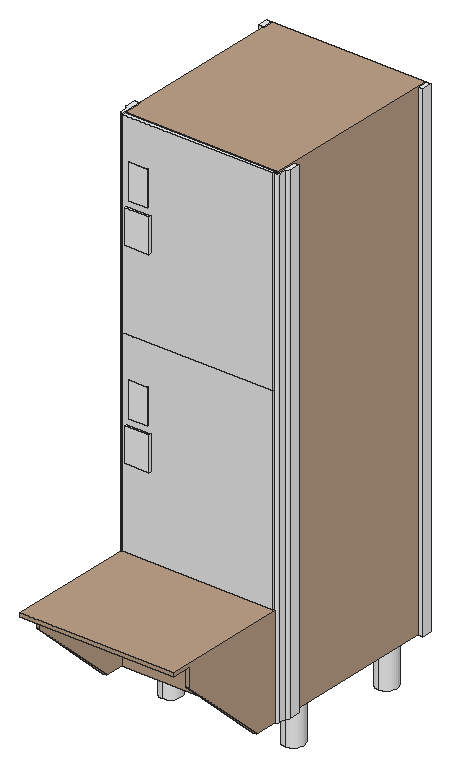
Revit family "Locker-Storage-Foreman-Premium-2_Tier_with_Bench", category Specialty Equipment, Revit 2026
Family settings
  Round Connector Dimension = Use Diameter
  Part Type = Normal
  Classification Number = 23.40.20.11.17
  Work Plane-Based = Yes
  Enable Cutting in Views = No
  Always vertical = Yes
  Cut with Voids When Loaded = No
  Maintain Annotation Orientation = No
  Shared = No
  Room Calculation Point = No
Parameters (values of type "*ERROR* See Type Catalogue")
  Unit Width = 15"
  Unit Height = 48"
  Unit Depth = 18"
  URL = "https://foremanlockers.com/premium-phenolic-lockers/phenolic2-tier-locker-with-bench"
  Top Slope Height [instance] = if(Top Slope, Unit Depth * tan(20.00°), 0")  # 0"
  Top Slope [instance] = no
  Thicker Door [instance] = no
  Specification = "https://www.arcat.com/company/foreman-locker-systems-48508/spec"
  Shelf Top Hat [instance] = no
  Shelf Footwear [instance] = no
  Product Page URL = "https://www.arcat.com/arcatcos/cos48/arc48508.html"
  Power Outlet USB [instance] = no
  Panel Thickness = 3/8"
  Model = "Phenolic 2-Tier Locker with Bench"  # constant formula
  Manufacturer = "Foreman Lockers"  # constant formula
  Locker Material [instance] = Phenolic-Foreman-Wood Grain Color-Amaretto Pine 8224
  Lock Safe o Tronic Access LSW [instance] = no
  Lock Safe o Tronic Access LS [instance] = no
  Lock Ojmar Key Cam [instance] = no
  Lock Ojmar Combi Pro [instance] = no
  Lock Foreman Hasp [instance] = no
  Lock Digilock Cue [instance] = yes
  Keynote = "10 51 00"
  Door Thickness [instance] = if(Thicker Door, 1/2", 3/8")  # 3/8"
  Door Material [instance] = Phenolic-Foreman-Solid Color-White D427-60
  Door Height = (Unit Height - 9 205/256") / 2  # 19.09961"
  Description = "Premium Phenolic Locker with Bench"  # constant formula
  Default Elevation = 48"
  Copyright = "ARCAT 2022"  # constant formula
  Clothes Bar Hanging [instance] = no
  CAD Details = ""
  Bench Offset = if(Unit Width = 18", 77/128", 205/256")  # 205/256"
  Base Height 8in [instance] = no
  Base Height 4in [instance] = not(Base Height 8in)  # yes
  Actual Base Heigth [instance] = if(Base Height 4in, 4", 8")  # 4"
Reference planes (in)
  plane 1 "Center (Front/Back)": y = 0
  plane 2: z = 0
  plane 3 "Center (Left/Right)": x = 0
  plane 4 "23.40.20.11.17": y = 9
  plane 5 "Left": x = -7.5
  plane 6 "Right": x = 7.5
  plane 7 "Front": y = -9
  plane 8: z = 4
  plane 9 "Top": z = 52
  plane 10: z = 51.625
  plane 11: z = 4.375
  plane 12: x = -7.125
  plane 13: x = 7.125
  plane 14 "Door Base/Top": z = 32.9
  plane 15: z = 33.0875
  plane 16: z = 32.7125
  plane 17: y = 8.625
  plane 18: x = -6
  plane 19: y = 6.125
  plane 20: y = -5.25
  plane 21: x = 6
  plane 22: z = 52
  plane 23: z = 13.8
  plane 24: y = -9.80078
  plane 25: y = -21.80078
  plane 26: z = 13.425
  plane 27: y = -11.67578
  plane 28: z = 11.55
  plane 29: z = 13.425
  plane 30: x = -8
  plane 31: x = 8
  plane 32: y = 8
  plane 33: y = -7.125
Forms (in)
  Sweep 1, void
    path origin (0, 0, 0) x (1, 0, 0) y (0, 1, 0)
      loop
        line (0, 8.625) -> (0, -9)
    profile origin (0, -0.1875, 0) x (1, 0, 0) y (0, 0, 1)
      loop
        line (-7.125, 51.625) -> (-7.125, 33.0875) -> (7.125, 33.0875) -> (7.125, 51.625) -> (-7.125, 51.625)
      loop
        line (7.125, 4.375) -> (7.125, 13.425) -> (-7.125, 13.425) -> (-7.125, 4.375) -> (7.125, 4.375)
      loop
        line (-7.125, 32.7125) -> (-7.125, 13.8) -> (7.125, 13.8) -> (7.125, 32.7125) -> (-7.125, 32.7125)
  Sweep 2, solid, material "Brushed Aluminum"
    path origin (0, -9, 0) x (-1, 0, 0) y (0, 0, 1)
      loop
        line (0, 4) -> (0, 0)
    profile origin (0, -9, 2) x (0, -1, 0) y (1, 0, 0)
      loop
        circle (-15.125, -6) r 1
      loop
        circle (-15.125, 6) r 1
      loop
        circle (-3.75, 6) r 1
      loop
        circle (-3.75, -6) r 1
  SweptBlend 3, solid, material "Phenolic-Foreman-Wood Grain Color-Amaretto Pine 8224" <- "Locker Material"
    path origin (0, 0, 0) x (1, 0, 0) y (0, 1, 0)
      loop
        line (0, 9) -> (0, -9)
    profile origin (0, 9, 0) x (1, 0, 0) y (0, 0, 1)
      loop
        line (-7.5, 52) -> (-7.5, 4) -> (7.5, 4) -> (7.5, 52) -> (-7.5, 52)
    end profile origin (0, -9, 0) x (1, 0, 0) y (0, 0, 1)
      loop
        line (-7.5, 52) -> (-7.5, 4) -> (7.5, 4) -> (7.5, 52) -> (-7.5, 52)
  Sweep 4, solid, material "Phenolic-Foreman-Wood Grain Color-Amaretto Pine 8224" <- "Locker Material"
    path origin (0, -9, 0) x (-1, 0, 0) y (0, 0, 1)
      loop
        line (7.5, 0) -> (-7.5, 0)
    profile origin (0, -9, 0) x (0, 0, 1) y (0, -1, 0)
      loop
        line (13.8, 0) -> (13.8, 12.80078) -> (13.425, 12.80078) -> (13.425, 10.80078) -> (11.55, 10.80078) -> (4, 2.67578) -> (4, 0) -> (13.8, 0)
  Sweep 5, void
    path origin (0, 0, 0) x (0, 1, 0) y (0, 0, 1)
      loop
        line (-9.80078, 4) -> (-21.80078, 4)
    profile origin (0, -15.80078, 4) x (0, 0, -1) y (1, 0, 0)
      loop
        line (-9.425, -7.125) -> (0, -7.125) -> (0, 7.125) -> (-9.425, 7.125) -> (-9.425, -7.125)
  Sweep 6, solid, material "Brushed Aluminum"
    path origin (0, -9, 0) x (-1, 0, 0) y (0, 0, 1)
      loop
        line (0, 52) -> (0, 4)
    profile origin (0, -9, 28) x (0, -1, 0) y (1, 0, 0)
      loop
        line (-18, 7.5) -> (-17, 7.5) -> (-17, 8) -> (-18, 8) -> (-18, 7.5)
      loop
        line (-18, -8) -> (-17, -8) -> (-17, -7.5) -> (-18, -7.5) -> (-18, -8)
      loop
        line (-1.875, -8) -> (-0.875, -8)
        arc (-0.875, -8) -> (-0.625, -7.93301) -> (-0.44199, -7.75) r 0.5
        line (-0.44199, -7.75) -> (0.125, -7.75)
        arc (0.125, -7.75) -> (0.30178, -7.67678) -> (0.375, -7.5) r 0.25
        line (0.375, -7.5) -> (-1.875, -7.5) -> (-1.875, -8)
      loop
        line (-1.875, 7.5) -> (0.375, 7.5)
        arc (0.375, 7.5) -> (0.30178, 7.67678) -> (0.125, 7.75) r 0.25
        line (0.125, 7.75) -> (-0.44199, 7.75)
        arc (-0.44199, 7.75) -> (-0.625, 7.93301) -> (-0.875, 8) r 0.5
        line (-0.875, 8) -> (-1.875, 8) -> (-1.875, 7.5)
Cuts and joins
  Sweep 1 cuts SweptBlend 3
  Sweep 5 cuts Sweep 4
Lines and regions (in)
  Masking region 1
    outline origin (0, 0, 0) x (1, 0, 0) y (0, 1, 0)
      loop
        line (-7.5, 9) -> (-7.5, -21.80078) -> (7.5, -21.80078) -> (7.5, 9) -> (-7.5, 9)
  Masking region 2
    outline origin (0, 0, 52) x (-1, 0, 0) y (0, -1, 0)
      loop
        line (-7.5, 9) -> (-7.125, 9) -> (-7.125, 24) -> (-7.5, 24) -> (-7.5, 9)
  symbolic lines
    curve 1: line (-7.5, -9, 52) -> (7.5, -9, 52)
  model lines
    curve 2: line (7.5, -9.375, 13.425) -> (7.5, -21.80078, 13.425)
    curve 3: line (7.5, -9.80078, 13.425) -> (7.5, -9.80078, 4)
    curve 4: line (-7.5, -9.375, 13.425) -> (-7.5, -21.80078, 13.425)
    curve 5: line (-7.5, -9.80078, 13.425) -> (-7.5, -9.80078, 4)
  symbolic lines, style "Overhead Lines"
    curve 6: arc (-7.5, -9, 52) -> (-3.1066, -19.6066, 52) -> (7.5, -24, 52) r 15
Dimensions and locks (in)
  equal spacing: plane 4 "23.40.20.11.17", plane 1 "Center (Front/Back)", plane 7 "Front"
  "Unit Depth": plane 4 "23.40.20.11.17" to plane 7 "Front"
  equal spacing: plane 5 "Left", plane 3 "Center (Left/Right)", plane 6 "Right"
  "Unit Width": plane 5 "Left" to plane 6 "Right"
  "Actual Base Heigth": plane 8 to plane 2
  "Unit Height": plane 9 "Top" to plane 8
  "Panel Thickness": plane 9 "Top" to plane 10
  "Panel Thickness": plane 11 to plane 8
  equal spacing: plane 9 "Top", plane 14 "Door Base/Top", plane 23
  equal spacing: plane 15, plane 14 "Door Base/Top", plane 16
  "Panel Thickness": plane 15 to plane 16
  "Panel Thickness": plane 4 "23.40.20.11.17" to plane 17
  "Panel Thickness": plane 13 to plane 6 "Right"
  "Panel Thickness": plane 5 "Left" to plane 12
  locked: plane 4 "23.40.20.11.17" to plane 19 at 2.875
  locked: plane 5 "Left" to plane 18 at 1.5
  locked: plane 21 to plane 6 "Right" at 1.5
  locked: plane 20 to plane 7 "Front" at 3.75
  "Top Slope Height": plane 22 to plane 9 "Top"
  locked: plane 23 to plane 8 at 9.8
  "Bench Offset": plane 7 "Front" to plane 24
  locked: plane 24 to plane 25 at 12
  locked: Sweep 4 sketch curve to plane 25 at 2
  plane 24 to plane 27 = 1 7/8"
  "Panel Thickness": plane 23 to plane 26
  plane 26 to plane 28 = 1 7/8"
  "Panel Thickness": plane 23 to Sweep 5 sketch curve
  "Panel Thickness": plane 23 to plane 29
  plane 30 to plane 12 = 7/8"
  plane 13 to plane 31 = 7/8"
  locked: plane 4 "23.40.20.11.17" to plane 32 at 1
  plane 33 to plane 7 "Front" = 1 7/8"
  locked: plane 33 to Sweep 6 sketch curve at 1  (x2)
  locked: plane 33 to Sweep 6 sketch curve at 2  (x2)
  "Unit Width": Masking region 2 sketch curve to plane 7 "Front"
  "Door Thickness": Masking region 2 sketch curve to plane 6 "Right"
  "Unit Width": radius of curve 6
  aligned and locked: plane 2 to level
  aligned and locked: Sweep 1 sketch curve to plane 3 "Center (Left/Right)"
  aligned and locked: plane 17 to Sweep 1 sketch curve
  aligned and locked: plane 7 "Front" to Sweep 1 sketch curve
  aligned and locked: Sweep 1 sketch curve to plane 10
  aligned and locked: Sweep 1 sketch curve to plane 12  (x3)
  aligned and locked: Sweep 1 sketch curve to plane 13  (x3)
  aligned and locked: Sweep 1 sketch curve to plane 15
  aligned and locked: Sweep 1 sketch curve to plane 16
  aligned and locked: Sweep 1 sketch curve to plane 11
  aligned and locked: plane 3 "Center (Left/Right)" to nested 1
  aligned and locked: Sweep 2 sketch curve to plane 3 "Center (Left/Right)"
  aligned and locked: plane 8 to Sweep 2 sketch curve
  aligned and locked: plane 2 to Sweep 2 sketch curve
  aligned and locked: plane 18 to Sweep 2 sketch curve  (x2)
  aligned and locked: plane 21 to Sweep 2 sketch curve  (x2)
  aligned and locked: plane 19 to Sweep 2 sketch curve  (x2)
  aligned and locked: plane 20 to Sweep 2 sketch curve  (x2)
  aligned and locked: SweptBlend 3 sketch curve to plane 3 "Center (Left/Right)"
  aligned and locked: plane 4 "23.40.20.11.17" to SweptBlend 3 sketch curve
  aligned and locked: plane 7 "Front" to SweptBlend 3 sketch curve
  aligned and locked: SweptBlend 3 sketch curve to plane 9 "Top"
  aligned and locked: SweptBlend 3 sketch curve to plane 5 "Left"  (x2)
  aligned and locked: plane 6 "Right" to SweptBlend 3 sketch curve  (x2)
  aligned and locked: SweptBlend 3 sketch curve to plane 8  (x2)
  aligned and locked: SweptBlend 3 sketch curve to plane 22
  aligned and locked: Masking region 1 sketch curve to plane 4 "23.40.20.11.17"
  aligned and locked: plane 6 "Right" to Masking region 1 sketch curve
  aligned and locked: Masking region 1 sketch curve to plane 5 "Left"
  aligned and locked: Sweep 4 sketch curve to plane 2
  aligned and locked: plane 5 "Left" to Sweep 4 sketch curve
  aligned and locked: plane 6 "Right" to Sweep 4 sketch curve
  aligned and locked: plane 26 to Sweep 4 sketch curve
  aligned and locked: plane 27 to Sweep 4 sketch curve
  aligned and locked: Sweep 4 sketch curve to Sweep 4 sketch curve
  aligned and locked: plane 28 to Sweep 4 sketch curve
  aligned and locked: Sweep 4 sketch curve to plane 23
  aligned and locked: plane 8 to Sweep 5 sketch curve
  aligned and locked: plane 24 to Sweep 5 sketch curve
  aligned and locked: plane 25 to Sweep 5 sketch curve
  aligned and locked: plane 25 to Masking region 1 sketch curve
  aligned and locked: plane 14 "Door Base/Top" to nested 2
  aligned and locked: plane 3 "Center (Left/Right)" to nested 2
  aligned and locked: plane 7 "Front" to nested 2
  aligned and locked: plane 7 "Front" to curve 1
  aligned and locked: plane 6 "Right" to curve 1
  aligned and locked: Sweep 1 sketch curve to plane 23
  aligned and locked: Sweep 1 sketch curve to plane 29
  aligned and locked: Sweep 6 sketch curve to plane 3 "Center (Left/Right)"
  aligned and locked: plane 4 "23.40.20.11.17" to Sweep 6 sketch curve  (x2)
  aligned and locked: plane 30 to Sweep 6 sketch curve
  aligned and locked: plane 31 to Sweep 6 sketch curve
  aligned and locked: plane 5 "Left" to Sweep 6 sketch curve  (x3)
  aligned and locked: plane 32 to Sweep 6 sketch curve  (x2)
  aligned and locked: Sweep 6 sketch curve to plane 6 "Right"
  aligned and locked: plane 33 to Sweep 6 sketch curve
  aligned and locked: Sweep 6 sketch curve to plane 33
  aligned and locked: Sweep 6 sketch curve to plane 5 "Left"
  aligned and locked: plane 8 to Sweep 6 sketch curve
  aligned and locked: plane 9 "Top" to Sweep 6 sketch curve
  aligned and locked: plane 6 "Right" to Sweep 6 sketch curve
  aligned and locked: Sweep 6 sketch curve to plane 31
  aligned and locked: curve 2 to plane 29
  aligned and locked: curve 3 to plane 24
  aligned and locked: plane 25 to curve 2
  aligned and locked: plane 29 to curve 3
  aligned and locked: plane 8 to curve 3
  aligned and locked: plane 29 to curve 4
  aligned and locked: plane 24 to curve 5
  aligned and locked: plane 29 to curve 5
  aligned and locked: Sweep 6 to curve 4
  aligned and locked: curve 2 to nested 1
  aligned and locked: plane 25 to curve 4
  aligned and locked: plane 8 to curve 5
  aligned and locked: plane 6 "Right" to Masking region 2 sketch curve
  aligned and locked: plane 7 "Front" to Masking region 2 sketch curve
  aligned and locked: plane 7 "Front" to curve 6
  aligned and locked: plane 6 "Right" to curve 6
  aligned and locked: Sweep 4 sketch curve to plane 8
  aligned and locked: plane 8 to Sweep 4 sketch curve
  aligned and locked: plane 14 "Door Base/Top" to nested 1
Automatic sketch dimensions
  Sweep 2 sketch curve to plane 3 "Center (Left/Right)" = 0"
  Sweep 5 sketch curve to plane 8 = 0"
  Sweep 4 sketch curve to plane 7 "Front" = 0"
  Sweep 4 sketch curve to Sweep 4 sketch curve = 2"
  Sweep 5 sketch curve to profile plane = 0"
  Sweep 5 sketch curve to plane 3 "Center (Left/Right)" = 7 1/8"
  plane 3 "Center (Left/Right)" to Sweep 5 sketch curve = 7 1/8"
  Sweep 6 sketch curve to plane 30 = 0"
  Sweep 6 sketch curve to Sweep 6 sketch curve = 1"
  Sweep 6 sketch curve to plane 31 = 1/2"
  plane 30 to Sweep 6 sketch curve = 1/4"
  Sweep 6 sketch curve to Sweep 6 sketch curve = 1/4"
  radius of Sweep 2 sketch curve = 1"  (x4)
Nested families (in)
  nested 1: "Locker-Storage-Foreman-Door-Without_2D_Symbol" at (0, -9, 13.80039), Door Thickness <- "Door Thickness", Door Material <- "Door Material", Lock Digilock Cue <- "Lock Digilock Cue", Lock Foreman Hasp <- "Lock Foreman Hasp", Lock Ojmar Combi Pro <- "Lock Ojmar Combi Pro", Lock Ojmar Key Cam <- "Lock Ojmar Key Cam", Lock Safe o Tronic Access LS <- "Lock Safe o Tronic Access LS", Lock Safe o Tronic Access LSW <- "Lock Safe o Tronic Access LSW", Door Height <- "Door Height", Width <- "Unit Width", type "Door"
    with Width 15", Safe-o-Tronic Locks no, Lock Safe o Tronic Access LSW no, Lock Safe o Tronic Access LS no, Lock Ojmar Key Cam no, Lock Ojmar Combi Pro no, Lock Foreman Hasp no, Lock Digilock Cue yes, Door Width 14 5/8", Door Thickness 3/8", Door Material Phenolic-Foreman-Solid Color-White D427-60, Door Height 19.09961"
  nested 2: "Locker-Storage-Foreman-Door-Without_2D_Symbol" at (0, -9, 32.9), Lock Digilock Cue <- "Lock Digilock Cue", Lock Foreman Hasp <- "Lock Foreman Hasp", Lock Ojmar Combi Pro <- "Lock Ojmar Combi Pro", Lock Ojmar Key Cam <- "Lock Ojmar Key Cam", Lock Safe o Tronic Access LS <- "Lock Safe o Tronic Access LS", Lock Safe o Tronic Access LSW <- "Lock Safe o Tronic Access LSW", Door Material <- "Door Material", Door Thickness <- "Door Thickness", Door Height <- "Door Height", Width <- "Unit Width", type "Door"
    with Width 15", Safe-o-Tronic Locks no, Lock Safe o Tronic Access LSW no, Lock Safe o Tronic Access LS no, Lock Ojmar Key Cam no, Lock Ojmar Combi Pro no, Lock Foreman Hasp no, Lock Digilock Cue yes, Door Width 14 5/8", Door Thickness 3/8", Door Material Phenolic-Foreman-Solid Color-White D427-60, Door Height 19.09961"
Definition of nested family "Locker-Storage-Foreman-Door-Without_2D_Symbol"
  Parameters (values of type "Door")
    Width [instance] = 9"
    Safe-o-Tronic Locks [instance] = or(Lock Safe o Tronic Access LSW, Lock Safe o Tronic Access LS)  # no
    Lock Safe o Tronic Access LSW [instance] = no
    Lock Safe o Tronic Access LS [instance] = no
    Lock Ojmar Key Cam [instance] = no
    Lock Ojmar Combi Pro [instance] = yes
    Lock Foreman Hasp [instance] = no
    Lock Digilock Cue [instance] = no
    Door Width [instance] = Width - 3/8"  # 8 5/8"
    Door Thickness [instance] = 1/2"
    Door Material [instance] = none
    Door Height [instance] = 12"
    Default Elevation = 48"
  Reference planes (in)
    plane 1 "Center (Front/Back)": y = 0
    plane 2: z = 0
    plane 3 "Center (Left/Right)": x = 0
    plane 4: x = -4.5
    plane 5: x = 4.5
    plane 6: y = -0.5
    plane 7 "Top": z = 12
    plane 8: x = -4.375
    plane 9: x = 4.25
    plane 10 "Lock CL": z = 6
    plane 11: y = -1.125
    plane 12: y = -1.625
    plane 13: y = -0.5625
    plane 14: y = -0.75
    plane 15: y = -0.75
    plane 16: x = -3.78639
    plane 17: x = -1.90639
    plane 18: z = 7.5
    plane 19: z = 2.5
    plane 20: y = -0.75
  Forms (in)
    Sweep 1, solid, material <- "Door Material"
      path origin (0, 0, 0) x (1, 0, 0) y (0, 1, 0)
        loop
          line (0, 0) -> (0, -0.5)
      profile origin (0, -0.25, 0) x (1, 0, 0) y (0, 0, 1)
        loop
          line (4.25, 0) -> (4.25, 12) -> (-4.375, 12) -> (-4.375, 0) -> (4.25, 0)
    Revolve 2, solid, visible <- "Lock Foreman Hasp"
      sketch origin (0, 0, 6) x (-1, 0, 0) y (0, -1, 0)
        loop
          line (2.84639, 0.5) -> (3.40903, 0.5) -> (3.40903, 1.125) -> (2.84639, 1.125) -> (2.84639, 0.5)
        axis (2.84639, 0.5) -> (2.84639, 1.125)
      angle from 0 to 360
    SweptBlend 3, solid, visible <- "Lock Foreman Hasp"
      path origin (0, 0, 6) x (-1, 0, 0) y (0, -1, 0)
        loop
          line (0, 1.125) -> (0, 1.625)
      profile origin (0, -1.125, 6) x (1, 0, 0) y (0, 0, 1)
        loop
          line (-3.39764, 0.43764) -> (-3.39764, -0.43764)
          arc (-3.39764, -0.43764) -> (-3.36103, -0.52603) -> (-3.27264, -0.56264) r 0.125
          line (-3.27264, -0.56264) -> (-0.6893, -0.56264)
          arc (-0.6893, -0.56264) -> (-0.60092, -0.52603) -> (-0.5643, -0.43764) r 0.125
          line (-0.5643, -0.43764) -> (-0.5643, 0.43764)
          arc (-0.5643, 0.43764) -> (-0.60092, 0.52603) -> (-0.6893, 0.56264) r 0.125
          line (-0.6893, 0.56264) -> (-3.27264, 0.56264)
          arc (-3.27264, 0.56264) -> (-3.36103, 0.52603) -> (-3.39764, 0.43764) r 0.125
      end profile origin (0, -1.625, 6) x (1, 0, 0) y (0, 0, 1)
        loop
          line (-1.74996, 0.14926) -> (-3.0625, 0.14926)
          arc (-3.0625, 0.14926) -> (-3.10669, 0.13096) -> (-3.125, 0.08676) r 0.0625
          line (-3.125, 0.08676) -> (-3.125, -0.08676)
          arc (-3.125, -0.08676) -> (-3.10669, -0.13096) -> (-3.0625, -0.14926) r 0.0625
          line (-3.0625, -0.14926) -> (-1.74996, -0.14926)
          arc (-1.74996, -0.14926) -> (-1.70576, -0.13096) -> (-1.68746, -0.08676) r 0.0625
          line (-1.68746, -0.08676) -> (-1.68746, 0.08676)
          arc (-1.68746, 0.08676) -> (-1.70576, 0.13096) -> (-1.74996, 0.14926) r 0.0625
    Sweep 4, solid
      path origin (0, 0, 6) x (-1, 0, 0) y (0, -1, 0)
        loop
          line (0, 0.5) -> (0, 0.5625)
      profile origin (0, -0.53125, 6) x (1, 0, 0) y (0, 0, 1)
        loop
          line (-3.78639, 5.63) -> (-3.78639, 2.25) -> (-1.90639, 2.25) -> (-1.90639, 5.63) -> (-3.78639, 5.63)
    Sweep 5, solid, visible <- "Lock Digilock Cue"
      path origin (0, 0, 6) x (-1, 0, 0) y (0, -1, 0)
        loop
          line (0, 0.5) -> (0, 0.75)
      profile origin (0, -0.625, 6) x (1, 0, 0) y (0, 0, 1)
        loop
          line (-4.00139, 1.65) -> (-4.00139, -1.65) -> (-1.69139, -1.65) -> (-1.69139, 1.65) -> (-4.00139, 1.65)
    Sweep 6, solid, visible <- "Safe-o-Tronic Locks"
      path origin (3.25, 0, 6) x (-1, 0, 0) y (0, -1, 0)
        loop
          line (3.25, 0.5) -> (3.25, 0.75)
      profile origin (0, -0.625, 6) x (1, 0, 0) y (0, 0, 1)
        loop
          line (-3.78639, 2) -> (-3.78639, -3) -> (-1.90639, -3) -> (-1.90639, 2) -> (-3.78639, 2)
    Sweep 7, solid, visible <- "Lock Ojmar Combi Pro"
      path origin (0, 0, 0) x (1, 0, 0) y (0, 0, 1)
        loop
          line (-3.78639, 6) -> (-1.90639, 6)
      profile origin (-2.84639, 0, 6) x (0, 0, 1) y (0, -1, 0)
        loop
          line (-2.75, 0.5) -> (1.5, 0.5) -> (1.5, 0.75) -> (-2.70943, 0.75) -> (-3.42094, 0.98717) -> (-3.5, 0.75) -> (-2.75, 0.5)
    Sweep 8, solid
      path origin (0, 0, 0) x (1, 0, 0) y (0, 0, 1)
        loop
          line (0, 12) -> (0, 0)
      profile origin (0, 0, 6) x (0, -1, 0) y (1, 0, 0)
        loop
          circle (0.125, 4.375) r 0.125
  Lines and regions (in)
    Split face 1
      outline origin (0, -0.75, 6) x (0, 0, 1) y (-1, 0, 0)
        loop
          line (1.025, 3.65889) -> (-0.475, 3.65889) -> (-0.475, 2.03389) -> (1.025, 2.03389) -> (1.025, 3.65889)
    symbolic lines
      curve 1: line (4.25, 0, 12) -> (-4.375, 0, 6)
      curve 2: line (-4.375, 0, 6) -> (4.25, 0, 0)
    model lines, visible <- "Lock Ojmar Key Cam"
      curve 3: arc (-2.28375, -0.5625, 6) -> (-2.84639, -0.5625, 6.56264) -> (-3.40903, -0.5625, 6) r 0.56264
      curve 4: arc (-3.40903, -0.5625, 6) -> (-2.84639, -0.5625, 5.43736) -> (-2.28375, -0.5625, 6) r 0.56264
  Dimensions and locks (in)
    "Door Thickness": plane 6 to plane 1 "Center (Front/Back)"
    "Door Height": plane 7 "Top" to plane 2
    locked: plane 8 to plane 4 at 0.125
    locked: plane 5 to plane 9 at 0.25
    equal spacing: plane 7 "Top", plane 10 "Lock CL", level
    equal spacing: plane 5, plane 3 "Center (Left/Right)", plane 4
    "Width": plane 5 to plane 4
    plane 6 to plane 11 = 5/8"
    locked: plane 4 to Revolve 2 sketch curve at 1.65361  (x2)
    locked: Revolve 2 sketch curve to Revolve 2 sketch curve at 0.56264
    equal spacing: SweptBlend 3 sketch curve, plane 10 "Lock CL", SweptBlend 3 sketch curve  (x2)
    locked: SweptBlend 3 sketch curve to SweptBlend 3 sketch curve at 1.12528
    SweptBlend 3 sketch curve to SweptBlend 3 sketch curve to plane 4 = 2.83333" locked, 1.10236" locked
    locked: SweptBlend 3 sketch curve to SweptBlend 3 sketch curve at 0.29852
    SweptBlend 3 sketch curve to SweptBlend 3 sketch curve to plane 4 = 1.43754", 1 3/8"
    locked: plane 6 to plane 13 at 0.0625
    locked: Sweep 4 sketch curve to Sweep 4 sketch curve at 3.38
    locked: Sweep 4 sketch curve to Sweep 4 sketch curve at 1.88
    locked: Sweep 4 sketch curve to plane 10 "Lock CL" at 2.25
    locked: Sweep 4 sketch curve to plane 4 at 0.71361
    locked: plane 6 to plane 14 at 0.25
    locked: Sweep 5 sketch curve to Sweep 5 sketch curve at 3.3
    Sweep 5 sketch curve to Sweep 5 sketch curve to plane 4 = 2.31" locked, 0.49861" locked
    equal spacing: Sweep 5, Split face 1 sketch curve, Split face 1 sketch curve, Sweep 5
    Sweep 5 to Split face 1 sketch curve to Split face 1 sketch curve = 5/8", 1 1/2"
    locked: Sweep 6 sketch curve to Sweep 6 sketch curve at 5
    Sweep 6 sketch curve to Sweep 6 sketch curve to plane 4 = 1.88" locked, 0.71361" locked
    locked: plane 6 to plane 15 at 0.25
    plane 17 to plane 16 to plane 4 = 1.88" locked, 0.71361" locked
    locked: plane 19 to plane 10 "Lock CL" at 3.5
    locked: plane 19 to plane 18 at 5
    locked: plane 6 to plane 20 at 0.25
    locked: Sweep 7 sketch curve to Sweep 7 sketch curve at 0.25
    equal spacing: plane 9, Sweep 8 sketch curve, plane 5
    locked: Sweep 8 sketch curve to plane 1 "Center (Front/Back)" at 0.125
    locked: plane 10 "Lock CL" to Sweep 6 sketch curve at 3
    equal spacing: Sweep 5 sketch curve, plane 10 "Lock CL", Sweep 5 sketch curve
    locked: plane 19 to Sweep 7 sketch curve (angle 18.4349°)
    aligned and locked: plane 2 to level
    aligned and locked: Sweep 1 sketch curve to plane 3 "Center (Left/Right)"
    aligned and locked: plane 1 "Center (Front/Back)" to Sweep 1 sketch curve
    aligned and locked: plane 6 to Sweep 1 sketch curve
    aligned and locked: Sweep 1 sketch curve to plane 7 "Top"
    aligned and locked: Sweep 1 sketch curve to plane 8
    aligned and locked: plane 9 to Sweep 1 sketch curve
    aligned and locked: plane 9 to curve 2
    aligned and locked: plane 7 "Top" to curve 1
    aligned and locked: plane 9 to curve 1
    aligned and locked: plane 10 "Lock CL" to curve 2
    aligned and locked: plane 8 to curve 2
    aligned and locked: Revolve 2 sketch curve to plane 11
    aligned and locked: SweptBlend 3 sketch curve to plane 3 "Center (Left/Right)"
    aligned and locked: plane 12 to SweptBlend 3 sketch curve
    aligned and locked: plane 11 to SweptBlend 3 sketch curve
    aligned and locked: Sweep 4 sketch curve to plane 3 "Center (Left/Right)"
    aligned and locked: plane 6 to Sweep 4 sketch curve
    aligned and locked: plane 13 to Sweep 4 sketch curve
    aligned and locked: curve 3 to Revolve 2
    aligned and locked: curve 4 to Revolve 2
    aligned and locked: Sweep 5 sketch curve to plane 3 "Center (Left/Right)"
    aligned and locked: plane 6 to Sweep 5 sketch curve
    aligned and locked: plane 14 to Sweep 5 sketch curve
    aligned and locked: plane 15 to Sweep 6 sketch curve
    aligned and locked: Sweep 6 sketch curve to plane 3 "Center (Left/Right)"
    aligned and locked: plane 6 to Sweep 6 sketch curve
    aligned and locked: Sweep 7 sketch curve to plane 10 "Lock CL"
    aligned and locked: Sweep 7 sketch curve to plane 16
    aligned and locked: Sweep 7 sketch curve to plane 17
    aligned and locked: plane 6 to Sweep 7 sketch curve
    aligned and locked: plane 18 to Sweep 7 sketch curve  (x2)
    aligned and locked: plane 19 to Sweep 7 sketch curve
    aligned and locked: Sweep 8 sketch curve to plane 3 "Center (Left/Right)"
    aligned and locked: plane 7 "Top" to Sweep 8 sketch curve
    aligned and locked: Sweep 1 sketch curve to plane 2
    aligned and locked: plane 2 to Sweep 8 sketch curve
    aligned and locked: plane 9 to Sweep 1
    aligned and locked: plane 2 to curve 2
    aligned and locked: plane 6 to Revolve 2 sketch curve
  Automatic sketch dimensions
    SweptBlend 3 sketch curve to SweptBlend 3 sketch curve = 1/8"  (x4)
    SweptBlend 3 sketch curve to SweptBlend 3 sketch curve = 1/16"  (x4)
    Split face 1 sketch curve to Sweep 5 = 0.3425"  (x2)
    Sweep 7 sketch curve to plane 20 = 0"
    plane 20 to Sweep 7 sketch curve = 0"
    Revolve 2 sketch curve to plane 6 = 0"
    Revolve 2 sketch curve to plane 12 = 0.70847"
    radius of Sweep 8 sketch curve = 1/8"
